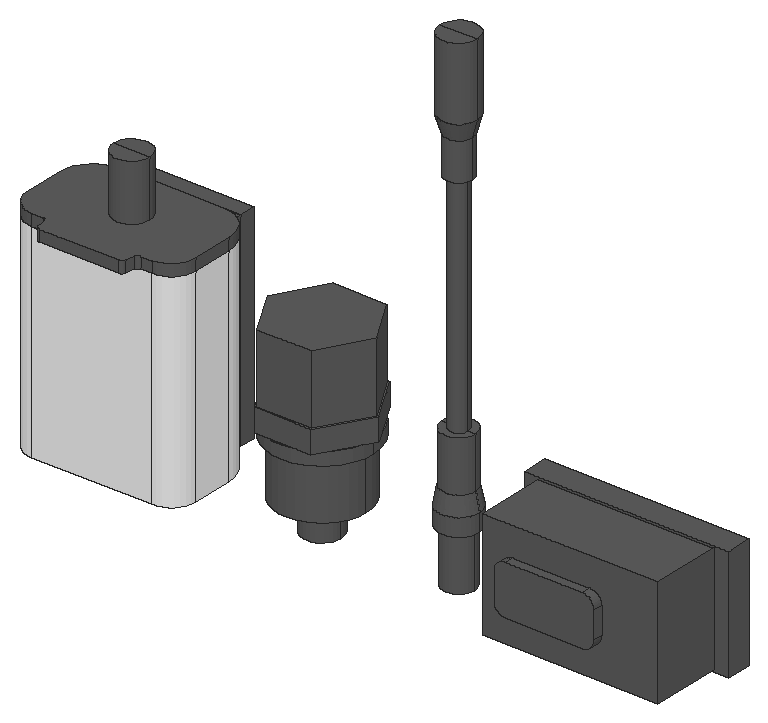
Revit family "PRD_AR_ShwrFttngsPckg_F5SetForFlushing_ACXT20051", category Specialty Equipment, Revit 2023
Family settings
  Round Connector Dimension = Use Diameter
  Part Type = Normal
  OmniClass Number = 23.65.05.11.11
  OmniClass Title = Water Supply Systems
  Work Plane-Based = No
  Enable Cutting in Views = No
  Always vertical = Yes
  Cut with Voids When Loaded = No
  Maintain Annotation Orientation = No
  Shared = No
  Room Calculation Point = No
Parameters (values of type "ACXT2005")
  WarrantyStartDate [instance] = "1900-12-31T23:59:59"
  WarrantyGuarantorParts = "n/a"
  WarrantyGuarantorLabor = "n/a"
  WarrantyDurationUnit = "n/a"
  WarrantyDurationParts = "n/a"
  WarrantyDurationLabor = "n/a"
  WarrantyDescription = "n/a"
  Version = "1"
  Uniclass2015Version = "Products v1.36"
  Uniclass2015Title = "Shower fittings package"
  Uniclass2015Code = "Pr_40_20_87_75"
  URL = "www.kwc-professional.com"
  Type IFC Predefined Type = "USERDEFINED"
  TagNumber [instance] = "n/a"
  SustainabilityPerformance = "n/a"
  Status = "New"
  Size = "0"
  Shape = "n/a"
  SerialNumber [instance] = "n/a"
  Revision = "n/a"
  ReplacementCost = "n/a"
  Reference = "n/a"
  ProductInformation = "http://pim.kwc.com/product/2030071564/attachment/datasheet?locale=en"
  NominalWidth = 0 mm
  NominalLength = 0 mm
  NominalHeight = 0 mm
  NominalDepth = 0 mm
  Name = "F5 Set for flushing ACXT2005"
  NBSTypeID = "n/a"
  NBSReference = "45-35-70/330"
  NBSOfficeMasterTag = "n/a"
  NBSNote = "n/a"
  NBSDescription = "Shower fittings package"
  NBSCertification = "n/a"
  ModelReference = "ACXT2005"
  ModelNumber = "2030071564"
  Model = ModelReference  # "ACXT2005"
  Material = "n/a"
  ManufacturerURL = "www.kwc-professional.com"
  ManufacturerName = "KWC Group Management AG"  # constant formula
  Manufacturer = ManufacturerName  # "KWC Group Management AG"
  InstallationDate [instance] = "1900-12-31T23:59:59"
  IfcExportType = "USERDEFINED"
  IfcExportAs = "IfcSanitaryTerminalType"
  Grade = "n/a"
  Finish = "n/a"
  Features = "Sensor with control electronics and 6 V lithium battery (CR-P2) as well as solenoid valve cartridge."
  Export Type to IFC As = "IfcSanitaryTerminalType"
  ExpectedLife = "n/a"
  DurationUnit = "n/a"
  Description = "Set for performing automatic flushing of the cold-water line. Sensor with control electronics and 6 V lithium battery (CR-P2) as well as solenoid valve cartridge. Activated water hygiene flushing (30 seconds), fixed interval of 24 hours and saving of statistical data. With option for parametrisation and communication via optional, bidirectional remote control."
  Default Elevation = 0 mm
  CreatedOn = "04/2025"  # constant formula
  Constituents = "n/a"
  Color = "n/a"
  CodePerformance = "n/a"
  Category = "Pr_40_20_87_75, Shower fittings package"
  BodyMaterial = PRD_AR_Plastic_White
  BarCode [instance] = "n/a"
  BIMObjectName = "PRD_AR_ShowerFittingsPackage_F5SetForFlushing_ACXT2005"
  Author = "Archispace"  # constant formula
  AssetType = "Fixed"
  AssetIdentifier [instance] = "n/a"
  AccessibilityPerformance = "n/a"
Reference planes
  plane 1 "Center (Front/Back)": y = 0
  plane 2: z = 0
  plane 3 "Center (Left/Right)": x = 0
Dimensions and locks
  aligned and locked: level to plane 2
Nested families
  nested 1: "ACEX9020" at (0, 0, 0), type "ACEX9020"
Connectors
  electrical at (126.25, -4.95, 13)
    settings: on nested 1, index 1, voltage 6 V, apparent load 0 VA, apparent load phase1 0 VA, apparent load phase2 0 VA, apparent load phase3 0 VA, power factor 1, load classification "Other", number of poles 1, system type 31, power factor state 1, is connector primary yes, connector utility no, sub classification motor no, connector description "lithium battery"
Definition of nested family "ACEX9020"
  Parameters (values of type "ACEX9020")
    Material2 = none
    Material = none
    Default Elevation = 0 mm
  Reference planes
    plane 1 "Center (Front/Back)": y = 0
    plane 2: z = 0
    plane 3 "Center (Left/Right)": x = 0
  Forms (mm)
    Sweep 1, solid, material <- "Material", detail levels fine
      path origin (0, 0, 0) x (1, 0, 0) y (0, 0, 1)
        loop
          line (0, 45.7) -> (0, 0)
      profile origin (0, 0, 22.85) x (0, -1, 0) y (1, 0, 0)
        loop
          line (-3.55, -18.65) -> (5.55, -18.65)
          arc (5.55, -18.65) -> (9.439, -17.039) -> (11.05, -13.15) r 5.5
          line (11.05, -13.15) -> (11.05, 13.15)
          arc (11.05, 13.15) -> (9.439, 17.039) -> (5.55, 18.65) r 5.5
          line (5.55, 18.65) -> (-3.55, 18.65)
          arc (-3.55, 18.65) -> (-8.853, 16.453) -> (-11.05, 11.15) r 7.5
          line (-11.05, 11.15) -> (-11.05, -11.15)
          arc (-11.05, -11.15) -> (-8.853, -16.453) -> (-3.55, -18.65) r 7.5
    Sweep 2, solid, material <- "Material2", detail levels fine
      path origin (0, 0, 20) x (1, 0, 0) y (0, 0, 1)
        loop
          line (0, 28.2) -> (0, 25.7)
      profile origin (0, 0, 46.95) x (0, -1, 0) y (1, 0, 0)
        loop
          line (-3.55, -18.65) -> (5.55, -18.65)
          arc (5.55, -18.65) -> (9.439, -17.039) -> (11.05, -13.15) r 5.5
          line (11.05, -13.15) -> (11.05, -10.877)
          arc (11.05, -10.877) -> (11.298, -10.218) -> (11.919, -9.886) r 1
          line (11.919, -9.886) -> (13.681, -9.654)
          arc (13.681, -9.654) -> (14.302, -9.322) -> (14.55, -8.662) r 1
          line (14.55, -8.662) -> (14.55, 8.662)
          arc (14.55, 8.662) -> (14.302, 9.322) -> (13.681, 9.654) r 1
          line (13.681, 9.654) -> (11.919, 9.886)
          arc (11.919, 9.886) -> (11.298, 10.218) -> (11.05, 10.877) r 1
          line (11.05, 10.877) -> (11.05, 13.15)
          arc (11.05, 13.15) -> (9.439, 17.039) -> (5.55, 18.65) r 5.5
          line (5.55, 18.65) -> (-3.55, 18.65)
          arc (-3.55, 18.65) -> (-8.853, 16.453) -> (-11.05, 11.15) r 7.5
          line (-11.05, 11.15) -> (-11.05, -11.15)
          arc (-11.05, -11.15) -> (-8.853, -16.453) -> (-3.55, -18.65) r 7.5
    Revolve 3, solid, material <- "Material2", detail levels fine
      sketch origin (0, 0, 0) x (1, 0, 0) y (0, 0, 1)
        loop
          line (0, 48.2) -> (4, 48.2) -> (4, 60.526) -> (0, 60.526) -> (0, 48.2)
        axis (0, 48.2) -> (0, 60.526)
      angle from 0 to 360
    Extrusion 4, solid, material <- "Material2", detail levels fine
      sketch origin (0, 0, 0) x (1, 0, 0) y (0, 1, 0)
        loop
          line (-12.5, 11.05) -> (12.5, 11.05) -> (12.5, 14.55) -> (-12.5, 14.55) -> (-12.5, 11.05)
      from 0 to 45.7
    Extrusion 5, solid, material <- "Material2", detail levels fine
      sketch origin (0, 3.5, 0) x (1, 0, 0) y (0, 1, 0)
        loop
          line (-12.5, 11.05) -> (12.5, 11.05) -> (12.5, 14.55) -> (-12.5, 14.55) -> (-12.5, 11.05)
      from 0 to 45.7
    Sweep 6, solid, material <- "Material2", detail levels fine
      path origin (0, 0, 0) x (1, 0, 0) y (0, 0, 1)
        loop
          line (42, 27) -> (42, 42.3)
      profile origin (42, 0, 34.65) x (-1, 0, 0) y (0, -1, 0)
        loop
          line (12, 0) -> (6, 10.392) -> (-6, 10.392) -> (-12, 0) -> (-6, -10.392) -> (6, -10.392) -> (12, 0)
    Sweep 7, solid, material <- "Material2", detail levels fine
      path origin (0, 0, -5) x (1, 0, 0) y (0, 0, 1)
        loop
          line (42, 27) -> (42, 32)
      profile origin (42, 0, 24.5) x (-1, 0, 0) y (0, -1, 0)
        loop
          line (12.5, 0) -> (6.25, 10.825) -> (-6.25, 10.825) -> (-12.5, 0) -> (-6.25, -10.825) -> (6.25, -10.825) -> (12.5, 0)
    Revolve 8, solid, material <- "Material2", detail levels fine
      sketch origin (0, 0, 0) x (1, 0, 0) y (0, 0, 1)
        loop
          line (42, 0) -> (42, 22) -> (30.7, 22) -> (30.7, 19.2) -> (32.25, 19.2) -> (32.25, 7) -> (37.8, 7) -> (37.8, 0) -> (42, 0)
        axis (42, 0) -> (42, 22)
      angle from 0 to 360
    Revolve 9, solid, material <- "Material2", detail levels fine
      sketch origin (0, 0, 0) x (1, 0, 0) y (0, 0, 1)
        loop
          line (72.153, 109.25) -> (72.153, 0) -> (75.616, 0) -> (75.616, 11.95) -> (76.703, 11.95) -> (76.703, 15.75) -> (75.853, 19.771) -> (75.853, 31.05) -> (74.153, 31.05) -> (74.153, 81.05) -> (75.153, 81.05) -> (75.153, 89.417) -> (76.303, 93.25) -> (76.303, 109.25) -> (72.153, 109.25)
        axis (72.153, 0) -> (72.153, 109.25)
      angle from 0 to 360
    Extrusion 10, solid, material <- "Material2", detail levels fine
      sketch origin (0, 0, 0) x (1, 0, 0) y (0, 0, 1)
        loop
          line (87.523, 25) -> (87.523, 1) -> (126.25, 1) -> (126.25, 25) -> (87.523, 25)
      from -2.7 to 12.6
    Extrusion 11, solid, material <- "Material2", detail levels fine
      sketch origin (0, 0, 0) x (1, 0, 0) y (0, 0, 1)
        loop
          line (84.5, 25.5) -> (84.5, 0.5) -> (129.5, 0.5) -> (129.5, 25.5) -> (84.5, 25.5)
      from -8.2 to -2.7
    Extrusion 12, solid, material <- "Material2", detail levels fine
      sketch origin (0, 0, 0) x (1, 0, 0) y (0, 0, 1)
        loop
          line (91.7, 16) -> (91.7, 10)
          arc (91.7, 10) -> (92.432, 8.232) -> (94.2, 7.5) r 2.5
          line (94.2, 7.5) -> (111.2, 7.5)
          arc (111.2, 7.5) -> (112.968, 8.232) -> (113.7, 10) r 2.5
          line (113.7, 10) -> (113.7, 16)
          arc (113.7, 16) -> (112.968, 17.768) -> (111.2, 18.5) r 2.5
          line (111.2, 18.5) -> (94.2, 18.5)
          arc (94.2, 18.5) -> (92.432, 17.768) -> (91.7, 16) r 2.5
      from 12.6 to 14.6
  Dimensions and locks
    aligned and locked: level to plane 2
